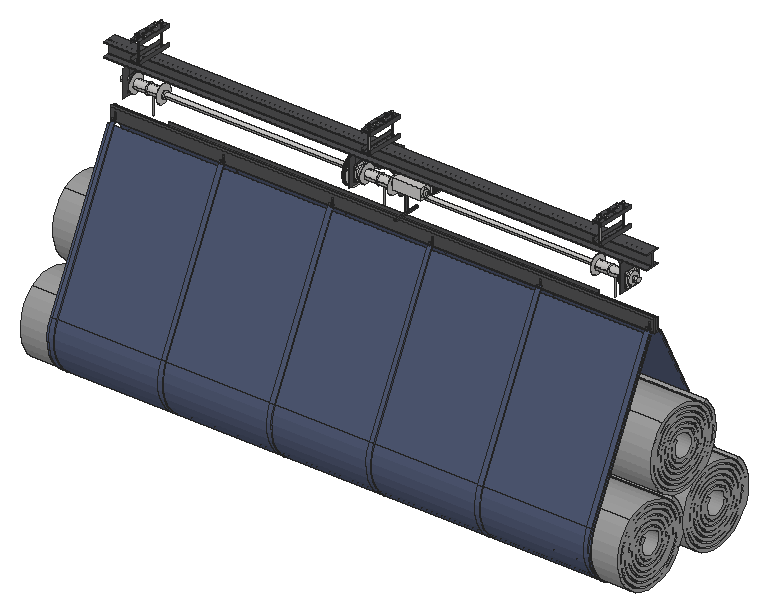
Revit family "Wrestling_Mat_Storage-PSS-4091", category Specialty Equipment, Revit 2017 (continued)
Definition of nested family "Wrestling_Mat_Storage-Hoist-PSS"
  Forms (in)
    Extrusion 55, solid, detail levels medium+fine
      sketch origin (23.0625, 31.64778, -3.17969) x (0, 1, 0) y (0, 0, 1)
        loop
          line (-32.21028, 8.80469) -> (-32.21028, 7.05469) -> (-30.46028, 7.05469) -> (-30.46028, 8.80469) -> (-32.21028, 8.80469)
        loop
          line (-32.02278, 8.61719) -> (-32.02278, 7.24219) -> (-30.64778, 7.24219) -> (-30.64778, 8.61719) -> (-32.02278, 8.61719)
        loop
          line (-31.89778, 8.49219) -> (-31.89778, 7.36719) -> (-30.77278, 7.36719) -> (-30.77278, 8.49219) -> (-31.89778, 8.49219)
        loop
          line (-31.71028, 8.30469) -> (-31.71028, 7.55469) -> (-30.96028, 7.55469) -> (-30.96028, 8.30469) -> (-31.71028, 8.30469)
        loop
          line (-31.08528, 8.17969) -> (-31.58528, 8.17969) -> (-31.58528, 7.67969) -> (-31.08528, 7.67969) -> (-31.08528, 8.17969)
        loop
          circle (-29.58528, 6.17969) r 0.0625
        loop
          circle (-33.08528, 9.67969) r 0.0625
        loop
          circle (-33.08528, 6.17969) r 0.0625
      from 0 to 1.25
    Extrusion 56, solid, detail levels medium+fine
      sketch origin (23.0625, 5, 0) x (0, 1, 0) y (0, 0, 1)
        loop
          circle (-9.63644, 4.84421) r 1.25
        loop
          circle (-9.63644, 4.84421) r 0.625
      from 0 to 0.75
    Extrusion 57, solid, detail levels medium+fine
      sketch origin (23.0625, 5, 0) x (0, 1, 0) y (0, 0, 1)
        loop
          arc (-9.2615, 6.35091) -> (-9.63644, 6.71921) -> (-10.01138, 6.35091) r 0.375
          arc (-10.01138, 6.35091) -> (-10.08055, 6.10596) -> (-10.26134, 5.9268) r 0.5
          arc (-10.26134, 5.9268) -> (-9.63644, 6.09421) -> (-9.01154, 5.9268) r 1.25
          arc (-9.01154, 5.9268) -> (-9.19234, 6.10596) -> (-9.2615, 6.35091) r 0.5
        loop
          arc (-8.51908, 3.76615) -> (-8.01265, 3.90671) -> (-8.14414, 4.41557) r 0.375
          arc (-8.14414, 4.41557) -> (-8.32168, 4.59795) -> (-8.38644, 4.8441) r 0.5
          arc (-8.38644, 4.8441) -> (-8.55391, 4.21921) -> (-9.01134, 3.76174) r 1.25
          arc (-9.01134, 3.76174) -> (-8.76579, 3.82873) -> (-8.51908, 3.76615) r 0.5
        loop
          arc (-11.12875, 4.41557) -> (-11.26024, 3.90671) -> (-10.75381, 3.76615) r 0.375
          arc (-10.75381, 3.76615) -> (-10.5071, 3.82873) -> (-10.26154, 3.76174) r 0.5
          arc (-10.26154, 3.76174) -> (-10.71898, 4.21921) -> (-10.88644, 4.8441) r 1.25
          arc (-10.88644, 4.8441) -> (-10.95121, 4.59795) -> (-11.12875, 4.41557) r 0.5
        loop
          circle (-9.63644, 6.34421) r 0.125
        loop
          circle (-8.33741, 4.09421) r 0.125
        loop
          circle (-10.93548, 4.09421) r 0.125
      from 0 to 0.375
    Extrusion 58, solid, detail levels medium+fine
      sketch origin (23.0625, 5, 0) x (0, 1, 0) y (0, 0, 1)
        loop
          circle (-9.63644, 4.84421) r 0.375
        loop
          circle (-9.63644, 4.84421) r 0.625
      from 0 to 1
    Extrusion 59, solid, detail levels medium+fine
      sketch origin (10.5625, 5, 0) x (0, 1, 0) y (0, 0, -1)
        loop
          circle (-9.63644, -4.84421) r 1.25
        loop
          circle (-9.63644, -4.84421) r 0.625
      from 0 to 0.75
    Extrusion 60, solid, detail levels medium+fine
      sketch origin (10.5625, 5, 0) x (0, 1, 0) y (0, 0, -1)
        loop
          arc (-9.2615, -6.35091) -> (-9.19234, -6.10596) -> (-9.01154, -5.9268) r 0.5
          arc (-9.01154, -5.9268) -> (-9.63644, -6.09421) -> (-10.26134, -5.9268) r 1.25
          arc (-10.26134, -5.9268) -> (-10.08055, -6.10596) -> (-10.01138, -6.35091) r 0.5
          arc (-10.01138, -6.35091) -> (-9.63644, -6.71921) -> (-9.2615, -6.35091) r 0.375
        loop
          arc (-8.51908, -3.76615) -> (-8.76579, -3.82873) -> (-9.01134, -3.76174) r 0.5
          arc (-9.01134, -3.76174) -> (-8.55391, -4.21921) -> (-8.38644, -4.8441) r 1.25
          arc (-8.38644, -4.8441) -> (-8.32168, -4.59795) -> (-8.14414, -4.41557) r 0.5
          arc (-8.14414, -4.41557) -> (-8.01265, -3.90671) -> (-8.51908, -3.76615) r 0.375
        loop
          arc (-11.12875, -4.41557) -> (-10.95121, -4.59795) -> (-10.88644, -4.8441) r 0.5
          arc (-10.88644, -4.8441) -> (-10.71898, -4.21921) -> (-10.26154, -3.76174) r 1.25
          arc (-10.26154, -3.76174) -> (-10.5071, -3.82873) -> (-10.75381, -3.76615) r 0.5
          arc (-10.75381, -3.76615) -> (-11.26024, -3.90671) -> (-11.12875, -4.41557) r 0.375
        loop
          circle (-9.63644, -6.34421) r 0.125
        loop
          circle (-8.33741, -4.09421) r 0.125
        loop
          circle (-10.93548, -4.09421) r 0.125
      from 0 to 0.375
    Extrusion 61, solid, detail levels medium+fine
      sketch origin (10.5625, 5, 0) x (0, 1, 0) y (0, 0, -1)
        loop
          circle (-9.63644, -4.84421) r 0.375
        loop
          circle (-9.63644, -4.84421) r 0.625
      from 0 to 1
    Extrusion 62, solid, material <- "Superstructure Finish", detail levels medium+fine
      sketch origin (0, 2, 0) x (1, 0, 0) y (0, 1, 0)
        loop
          circle (9.6875, 0) r 0.5
        loop
          circle (9.6875, 0) r 0.375
      from -11 to 2
    Extrusion 63, solid, material <- "Superstructure Finish", detail levels medium+fine
      sketch origin (0, 2, 0) x (1, 0, 0) y (0, 1, 0)
        loop
          circle (9.6875, 0) r 0.5
        loop
          circle (9.6875, 0) r 0.6875
      from 0 to 7.25
    Extrusion 64, solid, material <- "Superstructure Finish", detail levels medium+fine
      sketch origin (9.625, 1.625, 5.33347) x (0, 1, 0) y (0, 0, 1)
        loop
          line (0, -8.58347) -> (0, -7.33347) -> (-1.375, -7.33347)
          arc (-1.375, -7.33347) -> (-2.34727, -6.93075) -> (-2.75, -5.95847) r 1.375
          line (-2.75, -5.95847) -> (-2.75, -0.33347)
          arc (-2.75, -0.33347) -> (-2.82322, -0.1567) -> (-3, -0.08347) r 0.25
          line (-3, -0.08347) -> (-3.75, -0.08347)
          arc (-3.75, -0.08347) -> (-3.92678, -0.1567) -> (-4, -0.33347) r 0.25
          line (-4, -0.33347) -> (-4, -5.95847)
          arc (-4, -5.95847) -> (-3.23116, -7.81463) -> (-1.375, -8.58347) r 2.625
          line (-1.375, -8.58347) -> (0, -8.58347)
        loop
          arc (-3.625, -0.45847) -> (-3.75, -0.58347) -> (-3.625, -0.70847) r 0.125
          line (-3.625, -0.70847) -> (-3.125, -0.70847)
          arc (-3.125, -0.70847) -> (-3, -0.58347) -> (-3.125, -0.45847) r 0.125
          line (-3.125, -0.45847) -> (-3.625, -0.45847)
      from 0 to 0.125
    Extrusion 65, solid, material <- "Superstructure Finish", detail levels medium+fine
      sketch origin (0, 2, 0.25) x (1, 0, 0) y (0, 0, 1)
        loop
          circle (9.6875, -11.25) r 0.5
        loop
          circle (9.6875, -11.25) r 0.375
      from -6 to 6
    Extrusion 66, solid, material <- "Superstructure Finish", detail levels medium+fine
      sketch origin (0, 0, 7.25) x (1, 0, 0) y (0, 1, 0)
        loop
          circle (-7.875, 10.0625) r 0.25
        loop
          circle (-1.375, 10.0625) r 0.25
        loop
          circle (-7.875, 5.1875) r 0.25
        loop
          circle (-1.375, 5.1875) r 0.25
        loop
          line (-9.625, 12.125) -> (-9.625, 3.125) -> (0.375, 3.125) -> (0.375, 12.125) -> (-9.625, 12.125)
      from 0 to 0.5
    Extrusion 67, solid, detail levels fine
      sketch origin (-6.55965, 3.63607, 0) x (1, 0, 0) y (0, 1, 0)
        loop
          circle (-1.31535, 6.42643) r 0.25
        loop
          circle (-1.31535, 1.55143) r 0.25
        loop
          circle (5.18465, 6.42643) r 0.25
        loop
          circle (5.18465, 1.55143) r 0.25
      from 6.625 to 8.375
    Extrusion 68, solid, detail levels fine
      sketch origin (0, 0, -4.625) x (0, -1, 0) y (1, 0, 0)
        loop
          line (-10.46875, -7.64045) -> (-10.46875, -8.10955) -> (-10.0625, -8.3441) -> (-9.65625, -8.10955) -> (-9.65625, -7.64045) -> (-10.0625, -7.4059) -> (-10.46875, -7.64045)
        loop
          line (-10.46875, -1.14045) -> (-10.46875, -1.60955) -> (-10.0625, -1.8441) -> (-9.65625, -1.60955) -> (-9.65625, -1.14045) -> (-10.0625, -0.9059) -> (-10.46875, -1.14045)
        loop
          line (-5.59375, -7.64045) -> (-5.59375, -8.10955) -> (-5.1875, -8.3441) -> (-4.78125, -8.10955) -> (-4.78125, -7.64045) -> (-5.1875, -7.4059) -> (-5.59375, -7.64045)
        loop
          line (-5.59375, -1.14045) -> (-5.59375, -1.60955) -> (-5.1875, -1.8441) -> (-4.78125, -1.60955) -> (-4.78125, -1.14045) -> (-5.1875, -0.9059) -> (-5.59375, -1.14045)
      from 11 to 11.25
    Extrusion 69, solid, detail levels fine
      sketch origin (0, 0, 11.625) x (0, -1, 0) y (1, 0, 0)
        loop
          circle (-6.5, 0) r 0.1875
        loop
          line (-6.78125, 0.16238) -> (-6.78125, -0.16238) -> (-6.5, -0.32476) -> (-6.21875, -0.16238) -> (-6.21875, 0.16238) -> (-6.5, 0.32476) -> (-6.78125, 0.16238)
        loop
          circle (6.5, 0) r 0.1875
        loop
          line (6.78125, 0.16238) -> (6.5, 0.32476) -> (6.21875, 0.16238) -> (6.21875, -0.16238) -> (6.5, -0.32476) -> (6.78125, -0.16238) -> (6.78125, 0.16238)
      from 11 to 11.25
Definition of nested family "Wrestling_Mat_Storage-Sling_Strap-PSS-4091"
  Parameters
    URL = "http://www.perfsports.com/"
    Superstructure Finish = none
    Sling Material = none
    Manufacturer = "Performance Sports Systems"  # constant formula
    Description = "Sling Strap for Wrestling Mat Storage System"
    Default Elevation = 4' - 0"
    Created By = "Revitus"  # constant formula
    Creator URL = "http://www.revituspro.com/"
    Assembly Code = ""
  Reference planes (in)
    plane 1 "Center (Front/Back)": y = 0
    plane 2: z = 0
    plane 3 "Center (Left/Right)": x = 0
    plane 4: z = -18
    plane 5: z = 41.5
    plane 6: y = 1
    plane 7: y = -1
    plane 8: z = 44.5
    plane 9: z = -30.625
    plane 10: z = -48.625
    plane 11: y = 18
    plane 12: y = -18
    plane 13: y = 36
    plane 14: y = -36
  Forms (in)
    Sweep 1, solid, material <- "Superstructure Finish", detail levels medium+fine
      path origin (0, 0, 0) x (0, 1, 0) y (0, 0, 1)
        loop
          line (1.1875, 44.5) -> (1.1875, 42.375)
          arc (1.1875, 42.375) -> (1.875, 41.6875) -> (2.5625, 42.375) r 0.6875
          line (2.5625, 42.375) -> (2.5625, 43)
      profile origin (0, 1.1875, 43.4375) x (1, 0, 0) y (0, 1, 0)
        loop
          circle (0, 0) r 0.1875
    Sweep 2, solid, material <- "Superstructure Finish", detail levels medium+fine
      path origin (0, 0, 0) x (0, -1, 0) y (0, 0, 1)
        loop
          line (1.1875, 44.5) -> (1.1875, 42.375)
          arc (1.1875, 42.375) -> (1.875, 41.6875) -> (2.5625, 42.375) r 0.6875
          line (2.5625, 42.375) -> (2.5625, 43)
      profile origin (0, -1.1875, 43.4375) x (1, 0, 0) y (0, 1, 0)
        loop
          circle (0, 0) r 0.1875
    Extrusion 3, solid, material <- "Sling Material"
      sketch origin (0, 0, 0) x (0, 1, 0) y (0, 0, 1)
        loop
          line (1.8519, 42.5) -> (1.73653, 42.45124) -> (34.21252, -22.52131)
          arc (34.21252, -22.52131) -> (33.41744, -40.15485) -> (18, -48.75) r 18.125
          line (18, -48.75) -> (-18, -48.75)
          arc (-18, -48.75) -> (-33.41744, -40.15485) -> (-34.21252, -22.52131) r 18.125
          line (-34.21252, -22.52131) -> (-1.73653, 42.45124) -> (-1.8519, 42.5) -> (-34.32433, -22.46542)
          arc (-34.32433, -22.46542) -> (-33.52377, -40.22058) -> (-18, -48.875) r 18.25
          line (-18, -48.875) -> (18, -48.875)
          arc (18, -48.875) -> (33.52377, -40.22058) -> (34.32433, -22.46542) r 18.25
          line (34.32433, -22.46542) -> (1.8519, 42.5)
      from -1 to 1
  Dimensions and locks (in)
    level to plane 9 to plane 10 = 2' - 6 5/8" locked, 1' - 6" locked
    locked: plane 5 to plane 4 at 59.5
    plane 13 to plane 11 to plane 1 "Center (Front/Back)" to plane 12 to plane 14 = 1' - 6" locked, 1' - 6" locked, 1' - 6" locked, 1' - 6" locked
    aligned and locked: level to plane 2
